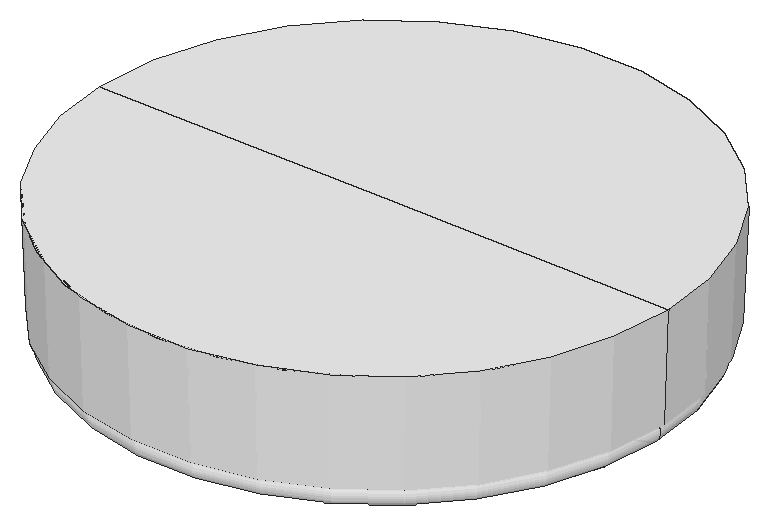
Revit family "3-626-xx Journey Ceiling Mount", category Lighting Fixtures, host Ceiling, Revit 2018
Family settings
  Host = Ceiling
  Round Connector Dimension = Use Diameter
  Part Type = Normal
  OmniClass Number = 23.80.70.11
  OmniClass Title = Luminaries for Internal Lighting
  Always vertical = Yes
  Cut with Voids When Loaded = No
  Light Source = Yes
  Shared = No
  Room Calculation Point = No
Parameters (values of type "3-626-14 / Polished Chrome - Matte White Acrylic")
  Wattage Comments = "2 x 10.1 W at 120 V"  # constant formula
  Wattage = 9.2903 W
  built-in parameter 1150110 = 1 (stored number, unit not read)
  Voltage Input = "120 V or 277 V - 50/60 Hz"  # constant formula
  Voltage = 120 V
  URL = "www.oxygenlighting.com"
  built-in parameter 1114217 = 1 (stored number, unit not read)
  built-in parameter 1150109 = 1 (stored number, unit not read)
  built-in parameter 1150134 = (empty or 0)
  built-in parameter 1150113 = 1 (stored number, unit not read)
  References = "Ref. 3 = 120 V / Ref. 37 = 277 V"  # constant formula
  Model = "3-626-xx / Journey Ceiling Mount"  # constant formula
  Metal Finish = 14 - Polished Chrome
  Manufacturer = "Oxygen Lighting and Fans"  # constant formula
  Main Diffuser = Matte White Acrylic
  Lumens = 1380 lm
  built-in parameter 1150115 = 1 (stored number, unit not read)
  built-in parameter 1150105 = 109.82 (stored number, unit not read)
  Light Source Symbol Size = 609.6 mm
  built-in parameter 1150137 = (empty or 0)
  built-in parameter 1150139 = (empty or 0)
  built-in parameter 1150112 = 1 (stored number, unit not read)
  built-in parameter 1150114 = 1 (stored number, unit not read)
  Lamp = "LED Array"  # constant formula
  built-in parameter 1150132 = 2
  built-in parameter 1150102 = (empty or 0)
  built-in parameter 1150138 = (empty or 0)
  built-in parameter 1150107 = 3000 (stored number, unit not read)
  built-in parameter 1150106 = 1.0982 (stored number, unit not read)
  built-in parameter 1150104 = 13.8 (stored number, unit not read)
  Dimming Lamp Color Temperature Shift = <None>
  Color Filter = 16777215
  built-in parameter 1114218 = 1 (stored number, unit not read)
  built-in parameter 1150133 = 10 (stored number, unit not read)
Types (2, lengths in mm): name | Metal Finish
  3-626-24 / Satin Nickel - Matte White Acrylic | 24 - Satin Nickel
  3-626-14 / Polished Chrome - Matte White Acrylic | 14 - Polished Chrome
Reference planes
  plane 1 "Light Source Axis (F/B)": y = 0
  plane 2: z = 0
  plane 3 "Light Source Axis (L/R)": x = 0
  plane 4 "Ceiling": z = 4000
  plane 5 "Light Source Elevation": z = 3920
Dimensions and locks
  equal spacing: host sketch curve, plane 3 "Light Source Axis (L/R)", host sketch curve
  equal spacing: host sketch curve, plane 1 "Light Source Axis (F/B)", host sketch curve
  host sketch curve to host sketch curve = 4000 mm  (x2)
  plane 4 "Ceiling" to host ceiling = 0 mm
  locked: plane 5 "Light Source Elevation" to plane 4 "Ceiling" at 80
  aligned and locked: plane 3 "Light Source Axis (L/R)" to imposter light
  aligned and locked: plane 1 "Light Source Axis (F/B)" to imposter light
  aligned and locked: plane 5 "Light Source Elevation" to imposter light
  aligned and locked: plane 3 "Light Source Axis (L/R)" to nested 1
  aligned and locked: plane 1 "Light Source Axis (F/B)" to nested 1
  aligned and locked: plane 4 "Ceiling" to nested 1
Nested families
  nested 1: "Base" at (0, 0, 4000), type "Base"
Connectors
  electrical at (0, 0, 4000), driven by "Voltage"
    settings: on nested 1, index 1, voltage 120 V, apparent load 0 VA, apparent load phase1 0 VA, apparent load phase2 0 VA, apparent load phase3 0 VA, power factor 1, load classification "Other", number of poles 1, system type 31, power factor state 1, is connector primary yes, connector utility no, sub classification motor no, connector description ""
Definition of nested family "Base"
  Parameters (values of type "Base")
    Metal Finish = none
    Main Diffuser = none
  Reference planes
    plane 1 "Center (Front/Back)": y = 0
    plane 2: z = 0
    plane 3 "Center (Left/Right)": x = 0
  Forms (mm)
    Revolve 1, solid, material <- "Metal Finish"
      sketch origin (0, 0, 0) x (1, 0, 0) y (0, 0, 1)
        loop
          line (-176.908, -65.851) -> (0, -65.851) -> (0, 0) -> (-179.449, 0)
          arc (-179.449, 0) -> (-178.707, -32.946) -> (-176.908, -65.851) r 1026.533
        axis (0, 0) -> (0, -65.851)
      angle from 0 to 360
    Revolve 2, solid, material <- "Main Diffuser"
      sketch origin (0, 0, 0) x (1, 0, 0) y (0, 0, 1)
        loop
          arc (-169.228, -78.481) -> (-85.61, -98.175) -> (0, -105.301) r 579.979
          line (0, -105.301) -> (0, -65.851) -> (-170.556, -65.851)
          arc (-170.556, -65.851) -> (-174.334, -72.633) -> (-169.228, -78.481) r 6.747
        axis (0, -65.851) -> (0, -105.301)
      angle from 0 to 360
  Dimensions and locks
    aligned and locked: level to plane 2
